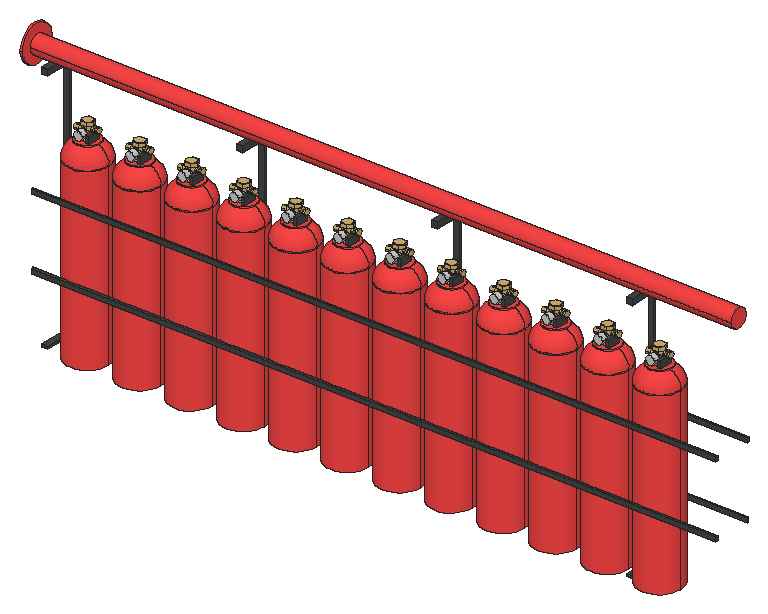
Revit family "Batería de cilindros 120l en simple fila FK-5-1-12_Aguilera Extincion", category Equipos especializados, Revit 2019
Family settings
  Anfitrión = Suelo
  Cota de conector redondo = Radio de uso
  Tipo de pieza = Normal
  Número OmniClass = 23.65.20.14.24
  Título OmniClass = Other Gas Storage Vessels
  Siempre vertical = Sí
  Corte con vacíos al cargar = No
  Compartido = No
  Punto de cálculo de habitación = No
Parameters (values of type "Batería 12 cilindros FK-5-1-12 - 120 l")
  URL = "https://aguilera.es/?productos=sistemas-centralizados-de-67-80-150-y-240l"
  Símbolo texto = yes
  Símbolo = yes
  Rc2 = Radio colector * 2  # 152.4 mm
  Radio colector = Diámetro colector / 2  # 76.2 mm
  R = Diámetro / 2  # 133.5 mm
  Número soportes = 4
  Número de cilindros = 12
  Modelo = "AEX/FKB120-12"
  Lt1 = Lt * 0.9  # 5307.3 mm
  Lt = 5897 mm
  Lci = D2 + 40 mm  # 475 mm
  Lcc = Lt1 / (Número soportes - 0.75)  # 1633.015 mm
  Lc = 435 mm  # constant formula
  Ht = Hc + Diámetro colector  # 2252.4 mm
  Hd = 1770 mm
  H2 = 1200 mm
  H1 = 600 mm
  Fabricante = "Aguilera Extinción"  # constant formula
  Diámetro colector = 152.4 mm
  Descripción = "Batería formada con cilindros de 120 L, fabricados en acero aleado certificados bajo normativa europea TPED para su uso con NOVEC 1230 de 3M. Presión de trabajo 25 bar a 21.1ºC. Pintados en color rojo (RAL 3002).\r\nEquipados con:\r\n– Válvula de descarga KIDDE 2″. Certificada CE y VdS.\r\n– Solenoide KIDDE 24 Vcc de disparo. Certificado CE y VdS (botella piloto).\r\n– Actuador Manual KIDDE. Certificado CE y Vds.(botella piloto)\r\n– Manómetro con presostato KIDDE. Certificado CE y VdS\r\n– Actuador neumático KIDDE. Certificado CE y VdS (botellas esclavas)\r\n– Latiguillos de disparo y descarga. Certificados CE.\r\n– Colector con brida de acoplamiento.\r\n– Válvulas antirretorno. Certificadas CE.\r\n– Conexión de descarga a colector.\r\n– Herrajes para fijación a pared.\r\n– Caperuza de protección para transporte."  # constant formula
  Diámetro = 267 mm
  Hc = 2100 mm  # constant formula
  D2 = 435 mm  # constant formula
  Cilindro = Cilindros autonomos de 5 a 120l FK-5-1-12_Aguilera Extincion : Cilindro autónomo MH5112® (FK-5-1-12) - 120 l
Types (12, lengths in mm): name | Rc2 | Radio colector | R | Número soportes | Número de cilindros | Modelo | Lt1 | Lt | Lcc | Ht | Diámetro colector | Diámetro
  (no name) | 152.4 | 76.2 | 133.5 | 4 | 12 | "AEX/FKB120-12" | 5307.3 | 5897 | 1633.015 | 2252.4 | 152.4 | 267
  Batería 2 cilindros FK-5-1-12 - 120 l | 63.5 | 31.75 | 133.5 | 2 | 2 | "AEX/FKB120-02" | 1291.5 | 1435 | 1033.2 | 2163.5 | 63.5 | 267
  Batería 3 cilindros FK-5-1-12 - 120 l | 76.2 | 38.1 | 177.5 | 2 | 3 | "AEX/FKB120-03" | 1720.8 | 1912 | 1376.64 | 2176.2 | 76.2 | 355
  Batería 4 cilindros FK-5-1-12 - 120 l | 76.2 | 38.1 | 133.5 | 2 | 4 | "AEX/FKB120-04" | 2112.3 | 2347 | 1689.84 | 2176.2 | 76.2 | 267
  Batería 5 cilindros FK-5-1-12 - 120 l | 101.6 | 50.8 | 133.5 | 2 | 5 | "AEX/FKB120-05" | 2526.3 | 2807 | 2021.04 | 2201.6 | 101.6 | 267
  Batería 6 cilindros FK-5-1-12 - 120 l | 101.6 | 50.8 | 133.5 | 2 | 6 | "AEX/FKB120-06" | 2917.8 | 3242 | 2334.24 | 2201.6 | 101.6 | 267
  Batería 7 cilindros FK-5-1-12 - 120 l | 101.6 | 50.8 | 133.5 | 3 | 7 | "AEX/FKB120-07" | 3309.3 | 3677 | 1470.8 | 2201.6 | 101.6 | 267
  Batería 8 cilindros FK-5-1-12 - 120 l | 127 | 63.5 | 133.5 | 3 | 8 | "AEX/FKB120-08" | 3523.5 | 3915 | 1566 | 2227 | 127 | 267
  Batería 9 cilindros FK-5-1-12 - 120 l | 127 | 63.5 | 133.5 | 3 | 9 | "AEX/FKB120-09" | 3915 | 4350 | 1740 | 2227 | 127 | 267
  Batería 10 cilindros FK-5-1-12 - 120 l | 127 | 63.5 | 133.5 | 3 | 10 | "AEX/FKB120-10" | 4306.5 | 4785 | 1914 | 2227 | 127 | 267
  Batería 11 cilindros FK-5-1-12 - 120 l | 152.4 | 76.2 | 133.5 | 4 | 11 | "AEX/FKB120-11" | 4915.8 | 5462 | 1512.554 | 2252.4 | 152.4 | 267
  Batería 12 cilindros FK-5-1-12 - 120 l | 152.4 | 76.2 | 133.5 | 4 | 12 | "AEX/FKB120-12" | 5307.3 | 5897 | 1633.015 | 2252.4 | 152.4 | 267
Reference planes
  plane 1 "Centro (Frontal/Posterior)": y = 0
  plane 2: z = 0
  plane 3 "Centro (Izquierda/Derecha)": x = 0
  plane 4: y = 133.5
  plane 5: z = 600
  plane 6: z = 1200
  plane 7: z = 1565
  plane 8: z = 1703.58
  plane 9: z = 1770
  plane 10: z = 2100
  plane 11: z = 2252.4
  plane 12: x = -600
  plane 13: x = 5297
  plane 14: y = 153.5
  plane 15: x = -440
  plane 16: y = 40.5
  plane 17: z = 2270.5
Forms (mm)
  Extrusion 1, solid, material "Acero rojo"
    sketch origin (0, 0, 38.1) x (0, 1, 0) y (0, 0, 1)
      loop
        circle (40.5, 2138.1) r 76.2
    from -600 to 5297
  Extrusion 2, solid, material "Acero rojo"
    sketch origin (0, 0, 0) x (0, 1, 0) y (0, 0, 1)
      loop
        circle (40.5, 2176.2) r 152.4
    from -600 to -582.73
  Extrusion 3, solid, material "Acero negro", detail levels fine
    sketch origin (-745.59, -6042.184, 600) x (-1, 0, 0) y (0, -1, 0)
      loop
        line (-6042.59, -5864.5) -> (-305.59, -5864.5) -> (-305.59, -5846.113) -> (-6042.59, -5846.113) -> (-6042.59, -5864.5)
    from 40 to 0
  Extrusion 4, solid, material "Acero negro", detail levels fine
    sketch origin (-745.59, -6042.184, 1200) x (-1, 0, 0) y (0, -1, 0)
      loop
        line (-6042.59, -5864.5) -> (-305.59, -5864.5) -> (-305.59, -5846.113) -> (-6042.59, -5846.113) -> (-6042.59, -5864.5)
    from 40 to 0
  Extrusion 5, solid, material "Acero negro", detail levels fine
    sketch origin (-745.59, -5721, 600) x (-1, 0, 0) y (0, -1, 0)
      loop
        line (-6042.59, -5864.5) -> (-305.59, -5864.5) -> (-305.59, -5854.5) -> (-6042.59, -5854.5) -> (-6042.59, -5864.5)
    from 40 to 0
  Extrusion 6, solid, material "Acero negro", detail levels fine
    sketch origin (-745.59, -5721, 1200) x (-1, 0, 0) y (0, -1, 0)
      loop
        line (-6042.59, -5864.5) -> (-305.59, -5864.5) -> (-305.59, -5854.5) -> (-6042.59, -5854.5) -> (-6042.59, -5864.5)
    from 40 to 0
Dimensions and locks
  "H1": plane 5 to plane 2
  "H2": plane 6 to plane 2
  "Hd": plane 9 to plane 2
  "Hc": plane 10 to plane 2
  locked: plane 9 to plane 8 at 66.42
  locked: plane 9 to plane 7 at 205
  "R": plane 1 "Centro (Frontal/Posterior)" to plane 4
  "Lt": plane 13 to plane 12
  "Ht": plane 11 to plane 2
  plane 17 to plane 11 = 18.1 mm
  "Ht": Extrusion 1 sketch curve to plane 2
  equal spacing: group 1, group 2, group 5, group 6, group 7, group 8, group 9, group 10, group 11, group 12, group 13, group 14  (x3)
  equal spacing: group 3, group 4, group 15, group 16  (x3)
  "Lcc": nested 5 to plane 15
  "Lci": nested 1 to plane 12
  equal spacing: plane 11, Extrusion 1, plane 10
  equal spacing: plane 11, Extrusion 2 sketch curve, plane 10
  "Radio colector": radius of Extrusion 1 sketch curve
  "Rc2": radius of Extrusion 2 sketch curve
  aligned and locked: level to plane 2
  aligned and locked: Extrusion 1 to plane 12
  aligned and locked: plane 13 to Extrusion 1
  aligned and locked: Extrusion 2 to plane 12
  aligned and locked: Extrusion 3 sketch curve to plane 15
  aligned and locked: plane 13 to Extrusion 3 sketch curve
  aligned and locked: Extrusion 4 to plane 15
  aligned and locked: plane 13 to Extrusion 4
  aligned and locked: Extrusion 6 to plane 4
  aligned and locked: Extrusion 5 to plane 4
Automatic sketch dimensions
  plane 1 "Centro (Frontal/Posterior)" to Extrusion 3 sketch curve = 177.684 mm
  Extrusion 3 sketch curve to Extrusion 3 sketch curve = 18.387 mm
  Extrusion 4 sketch curve to plane 13 = 0 mm
  Extrusion 4 sketch curve to plane 15 = 0 mm
  plane 1 "Centro (Frontal/Posterior)" to Extrusion 4 sketch curve = 177.684 mm
  Extrusion 4 sketch curve to Extrusion 4 sketch curve = 18.387 mm
  Extrusion 5 sketch curve to plane 13 = 0 mm
  Extrusion 5 sketch curve to plane 15 = 0 mm
  plane 4 to Extrusion 5 sketch curve = 10 mm
  Extrusion 5 sketch curve to plane 4 = 0 mm
  Extrusion 6 sketch curve to plane 13 = 0 mm
  Extrusion 6 sketch curve to plane 15 = 0 mm
  plane 4 to Extrusion 6 sketch curve = 10 mm
  Extrusion 6 sketch curve to plane 4 = 0 mm
  Extrusion 1 sketch curve to plane 16 = 0 mm
  Extrusion 2 sketch curve to plane 16 = 0 mm
Nested families
  nested 1: "Cilindros autonomos de 5 a 120l FK-5-1-12_Aguilera Extincion" at (-125, 0, 0), type <- "Cilindro", type "Cilindro autónomo MH5112® (FK-5-1-12) - 120 l"
    with Soporte no
  nested 2: "Cilindros autonomos de 5 a 120l FK-5-1-12_Aguilera Extincion" at (310.885, 0, 0), type <- "Cilindro", type "Cilindro autónomo MH5112® (FK-5-1-12) - 120 l"
    with Soporte no
  nested 3: "S_Cilindros_Aguilera Extinción" at (0, 0, 0), visible <- "Símbolo", type "S_Cilindros_Aguilera Extinción", detail levels coarse
  nested 4: "Soporte suelo" at (-60, 153.5, 0), type "Soporte suelo"
    with Ht 2100 mm
  nested 5: "Soporte suelo" at (1573.015, 153.5, 0), type "Soporte suelo"
    with Ht 2100 mm
  nested 6: "Cilindros autonomos de 5 a 120l FK-5-1-12_Aguilera Extincion" at (746.77, 0, 0), type <- "Cilindro", type "Cilindro autónomo MH5112® (FK-5-1-12) - 120 l"
    with Soporte no
  nested 7: "Cilindros autonomos de 5 a 120l FK-5-1-12_Aguilera Extincion" at (1182.655, 0, 0), type <- "Cilindro", type "Cilindro autónomo MH5112® (FK-5-1-12) - 120 l"
    with Soporte no
  nested 8: "Cilindros autonomos de 5 a 120l FK-5-1-12_Aguilera Extincion" at (1618.54, 0, 0), type <- "Cilindro", type "Cilindro autónomo MH5112® (FK-5-1-12) - 120 l"
    with Soporte no
  nested 9: "Cilindros autonomos de 5 a 120l FK-5-1-12_Aguilera Extincion" at (2054.426, 0, 0), type <- "Cilindro", type "Cilindro autónomo MH5112® (FK-5-1-12) - 120 l"
    with Soporte no
  nested 10: "Cilindros autonomos de 5 a 120l FK-5-1-12_Aguilera Extincion" at (2490.311, 0, 0), type <- "Cilindro", type "Cilindro autónomo MH5112® (FK-5-1-12) - 120 l"
    with Soporte no
  nested 11: "Cilindros autonomos de 5 a 120l FK-5-1-12_Aguilera Extincion" at (2926.196, 0, 0), type <- "Cilindro", type "Cilindro autónomo MH5112® (FK-5-1-12) - 120 l"
    with Soporte no
  nested 12: "Cilindros autonomos de 5 a 120l FK-5-1-12_Aguilera Extincion" at (3362.081, 0, 0), type <- "Cilindro", type "Cilindro autónomo MH5112® (FK-5-1-12) - 120 l"
    with Soporte no
  nested 13: "Cilindros autonomos de 5 a 120l FK-5-1-12_Aguilera Extincion" at (3797.966, 0, 0), type <- "Cilindro", type "Cilindro autónomo MH5112® (FK-5-1-12) - 120 l"
    with Soporte no
  nested 14: "Cilindros autonomos de 5 a 120l FK-5-1-12_Aguilera Extincion" at (4233.851, 0, 0), type <- "Cilindro", type "Cilindro autónomo MH5112® (FK-5-1-12) - 120 l"
    with Soporte no
  nested 15: "Cilindros autonomos de 5 a 120l FK-5-1-12_Aguilera Extincion" at (4669.736, 0, 0), type <- "Cilindro", type "Cilindro autónomo MH5112® (FK-5-1-12) - 120 l"
    with Soporte no
  nested 16: "Soporte suelo" at (3206.031, 153.5, 0), type "Soporte suelo"
    with Ht 2100 mm
  nested 17: "Soporte suelo" at (4839.046, 153.5, 0), type "Soporte suelo"
    with Ht 2100 mm
Connectors
  piping at (-600, 40.5, 2176.2), diameter 152.4, driven by "Radio colector"
    settings: on Extrusion 1, index 1, connector inside diameter 609.6 mm, connector length 0 mm, flow factor 0, pipe flow 0.0 L/s, pressure drop 0.0 Pa, fitting loss kfactor 0, connector angle 0.00°, fixture units 0, engagement length 0 mm, angle of deflection 0.00°, flow configuration 0, flow direction 0, fitting loss method 0, system type 28, joint type 0, gender type 0, connector reference index -1, connector utility 0, adjustable connector no, is connector primary yes, connector description ""
Definition of nested family "Cilindros autonomos de 5 a 120l FK-5-1-12_Aguilera Extincion"
  Parameters (values of type "Cilindro autónomo MH5112® (FK-5-1-12) - 120 l")
    URL = "https://aguilera.es/?productos=botellas-autonomas-de-14-a-345-l"
    Símbolo texto = yes
    Símbolo = yes
    Soporte = yes
    R = Diámetro / 2  # 177.277 mm
    Model = "AEX/FK120"
    L1 = 536 mm
    Hd = 1700 mm
    H2 = 850 mm
    Manufacturer = "Aguilera Extinción"  # constant formula
    Description = "Cilindro de alta presión, fabricado en acero aleado tratado térmicamente sin soldadura (según Directiva Europea 84/525/CEE). Marcado π Presión de trabajo de 42 y 50 bar, presión de pruebas 250 bar, temperatura de servicio de -20ºC a +50ºC, grabados y pintados en color rojo (RAL 3002).\r\nEquipado con:\r\n• Válvula de descarga. Marcada CE según RD: 769/1999. Incluye:\r\n• Solenoide de disparo. (Alimentación 24V y 500mA de consumo)\r\n• Válvula de sobrepresión y disco de seguridad.\r\n• Válvula de alivio.\r\n• Manómetro 42 bar con presostato. Certificado Vds\r\n• Actuador manual\r\n• Herrajes de fijación.\r\n• Brida y caperuza protectora de la válvula y sus accesorios."  # constant formula
    Diámetro = 354.555 mm
    H = 1780 mm
    Aux_R = R / 2  # 88.639 mm
  Types (8, lengths in mm): name | R | Model | L1 | Hd | H2 | Diámetro | H | Aux_R
    (no name) | 177.277 | "AEX/FK120" | 536 | 1700 | 850 | 354.555 | 1780 | 88.639
    Cilindro autónomo MH5112® (FK-5-1-12) - 80 l | 133.5 | "AEX/FK080" | 402 | 1800 | 900 | 267 | 1880 | 66.75
    Cilindro autónomo MH5112® (FK-5-1-12) - 120 l | 177.277 | "AEX/FK120" | 536 | 1700 | 850 | 354.555 | 1780 | 88.639
    Cilindro autónomo MH5112® (FK-5-1-12) - 67 l | 133.5 | "AEX/FK067" | 402 | 1600 | 800 | 267 | 1680 | 66.75
    Cilindro autónomo MH5112® (FK-5-1-12) - 40,2 l | 114.5 | "AEX/FK040" | 364 | 1300 | 650 | 229 | 1380 | 57.25
    Cilindro autónomo MH5112® (FK-5-1-12) - 26,8 l | 146.623 | "AEX/FK026" | 364 | 1000 | 500 | 293.247 | 1080 | 73.312
    Cilindro autónomo MH5112® (FK-5-1-12) - 13,4 l | 70 | "AEX/FK013" | 274 | 1100 | 550 | 140 | 1180 | 35
    Cilindro autónomo MH5112® (FK-5-1-12) - 5 l | 70 | "AEX/FK005" | 274 | 500 | 250 | 140 | 580 | 35
  Reference planes
    plane 1 "Centro (Frontal/Posterior)": y = 0
    plane 2: z = 0
    plane 3 "Centro (Izquierda/Derecha)": x = 0
    plane 4: y = 177.277
    plane 5: z = 850
    plane 6: z = 1495
    plane 7: z = 1633.58
    plane 8: z = 1700
    plane 9: z = 1780
    plane 10: x = -100
    plane 11: x = -177.277
    plane 12: x = 177.277
    plane 13: x = -177.277
    plane 14: x = 177.277
    plane 15: x = -40
  Forms (mm)
    Extrusion 1, solid, detail levels medium+fine
      sketch origin (0, 0, 0) x (1, 0, 0) y (0, 1, 0)
        loop
          circle (0, 0) r 177.277
      from 0 to 1495
    Extrusion 2, solid, detail levels medium+fine
      sketch origin (-745.59, -6000, 1633.58) x (-1, 0, 0) y (0, -1, 0)
        loop
          circle (-745.59, -6000) r 40
      from 0 to 146.42
    Extrusion 3, solid, detail levels medium+fine
      sketch origin (-70, 0, 0) x (0, -1, 0) y (0, 0, 1)
        loop
          circle (0, 1700) r 25
      from -117.506 to -12.56
    Revolve 4, solid, detail levels medium+fine
      sketch origin (0, 0, 0) x (1, 0, 0) y (0, 0, 1)
        loop
          line (0, 1633.58) -> (-40, 1633.58)
          arc (-40, 1633.58) -> (-137.098, 1593.066) -> (-177.277, 1495.829) r 137.752
          line (-177.277, 1495.829) -> (-177.277, 1495) -> (0, 1495) -> (0, 1633.58)
        axis (0, 1633.58) -> (0, 1495)
      angle from 0 to 360
    Extrusion 5, solid, visible <- "Soporte", detail levels fine
      sketch origin (-745.59, -6000, 850) x (-1, 0, 0) y (0, -1, 0)
        loop
          line (-500.812, -6197.277) -> (-500.812, -6177.277) -> (-566.312, -6177.277) -> (-566.312, -6000)
          arc (-566.312, -6000) -> (-745.59, -5820.723) -> (-924.867, -6000) r 179.277
          line (-924.867, -6000) -> (-924.867, -6177.277) -> (-990.367, -6177.277) -> (-990.367, -6197.277) -> (-500.812, -6197.277)
        loop
          arc (-568.312, -6000) -> (-745.59, -5822.723) -> (-922.867, -6000) r 177.277
          line (-922.867, -6000) -> (-922.867, -6177.277) -> (-568.312, -6177.277) -> (-568.312, -6000)
      from 20 to -20
    Extrusion 6, solid, detail levels fine
      sketch origin (-745.59, -6000, 1633.58) x (-1, 0, 0) y (0, -1, 0)
        loop
          circle (-745.59, -6000) r 100
      from 0 to 5.101
    Extrusion 7, solid, detail levels medium+fine
      sketch origin (-745.59, -6000, 1780) x (-1, 0, 0) y (0, -1, 0)
        loop
          line (-769.342, -6041.141) -> (-721.837, -6041.141) -> (-698.084, -6000) -> (-721.837, -5958.859) -> (-769.342, -5958.859) -> (-793.095, -6000) -> (-769.342, -6041.141)
      from 0 to -30.23
    Extrusion 8, solid, detail levels medium+fine
      sketch origin (0.001, -69.978, 0) x (1, 0.000332, 0) y (0, 0, 1)
        loop
          circle (0, 1700) r 35
      from -70 to -28.863
    Extrusion 9, solid, detail levels medium+fine
      sketch origin (-145, 0, 0) x (0, -1, 0) y (0, 0, 1)
        loop
          circle (0, 1700) r 20
        loop
          circle (0, 1700) r 15
      from -87.56 to -45
    Extrusion 10, solid, detail levels medium+fine
      sketch origin (0.001, -127.334, 0) x (1, 0.000332, 0) y (0, 0, 1)
        loop
          circle (0, 1700) r 30
      from -86.218 to -73.878
    Extrusion 11, solid, detail levels medium+fine
      sketch origin (0.001, -157.335, 0) x (1, 0.000332, 0) y (0, 0, 1)
        loop
          circle (0, 1700) r 35
      from -103.928 to -58.906
    Extrusion 12, solid, detail levels fine
      sketch origin (-27.334, -0.23, 26.684) x (0.000332, -1, 0) y (0, 0, 1)
        loop
          circle (-0.222, 1705.463) r 15
      from -108.689 to -58.467
    Extrusion 13, solid, detail levels fine
      sketch origin (146.623, 655.396, 4006.684) x (0, 1, 0) y (0, 0, 1)
        loop
          line (-666.922, -2254.537) -> (-678.469, -2274.537) -> (-666.922, -2294.537) -> (-643.828, -2294.537) -> (-632.281, -2274.537) -> (-643.828, -2254.537) -> (-666.922, -2254.537)
      from -98.997 to -83.977
    Extrusion 14, solid, detail levels fine
      sketch origin (146.623, 655.396, 4006.684) x (0, 1, 0) y (0, 0, 1)
        loop
          line (-666.922, -2254.537) -> (-678.469, -2274.537) -> (-666.922, -2294.537) -> (-643.828, -2294.537) -> (-632.281, -2274.537) -> (-643.828, -2254.537) -> (-666.922, -2254.537)
      from -65.269 to -49.269
    Extrusion 15, solid, detail levels fine
      sketch origin (-100, 837.763, 4000) x (0, 1, 0) y (0, 0, 1)
        loop
          line (-820.012, -2283.976) -> (-917.735, -2283.976) -> (-917.735, -2343.976) -> (-820.012, -2343.976) -> (-820.012, -2283.976)
      from 147.506 to 176.533
  Lines and regions (mm)
    symbolic lines
      curve 1: line (0, 217.277, 0) -> (0, 177.277, 0)
      curve 2: line (-25, 197.277, 0) -> (25, 197.277, 0)
      curve 3: circle (0, 197.277, 0) r 15 normal (0, 0, 1)
  Dimensions and locks
    "H2": plane 5 to plane 2
    "Hd": plane 8 to plane 2
    "H": plane 9 to plane 2
    locked: plane 10 to plane 3 "Centro (Izquierda/Derecha)" at 100
    equal spacing: plane 11, plane 3 "Centro (Izquierda/Derecha)", plane 12
    "Diámetro": plane 11 to plane 12
    locked: plane 8 to plane 7 at 66.42
    locked: plane 8 to plane 6 at 205
    "R": plane 1 "Centro (Frontal/Posterior)" to plane 4
    equal spacing: plane 13, plane 3 "Centro (Izquierda/Derecha)", plane 14
    "Diámetro": plane 13 to plane 14
    equal spacing: Extrusion 5 sketch curve, plane 3 "Centro (Izquierda/Derecha)", Extrusion 5 sketch curve
    "R": Revolve 4 sketch curve to Revolve 4 sketch curve
    locked: Revolve 4 sketch curve to Revolve 4 sketch curve at 0.829
    "Diámetro": diameter of Extrusion 1 sketch curve
    aligned and locked: level to plane 2
    aligned and locked: plane 6 to Extrusion 1
    aligned and locked: plane 9 to Extrusion 2
    aligned and locked: Extrusion 2 to plane 7
    aligned and locked: Revolve 4 sketch curve to plane 3 "Centro (Izquierda/Derecha)"  (x2)
    aligned and locked: Extrusion 5 sketch curve to Extrusion 5 sketch curve  (x2)
    aligned and locked: Extrusion 5 sketch curve to plane 4
    aligned and locked: Extrusion 5 sketch curve to plane 14
    aligned and locked: Extrusion 5 sketch curve to plane 13
    aligned and locked: Revolve 4 sketch curve to plane 6
    aligned and locked: plane 15 to Extrusion 2
    aligned and locked: plane 15 to Revolve 4 sketch curve
    aligned and locked: Extrusion 9 to plane 10
    aligned and locked: Extrusion 15 to Extrusion 3
  Automatic sketch dimensions
    curve 1 to plane 3 "Centro (Izquierda/Derecha)" = 0 mm
    curve 3 to plane 3 "Centro (Izquierda/Derecha)" = 0 mm
    curve 1 to plane 4 = 0 mm
    curve 1 to curve 3 = 20 mm
    curve 2 to plane 3 "Centro (Izquierda/Derecha)" = 25 mm
    plane 3 "Centro (Izquierda/Derecha)" to curve 2 = 25 mm
    plane 4 to curve 2 = 20 mm
    curve 3 to curve 1 = 20 mm
    plane 1 "Centro (Frontal/Posterior)" to Extrusion 2 sketch curve = 0 mm
    Extrusion 2 sketch curve to plane 3 "Centro (Izquierda/Derecha)" = 0 mm
    Extrusion 3 sketch curve to plane 1 "Centro (Frontal/Posterior)" = 0 mm
    Extrusion 3 sketch curve to plane 8 = 0 mm
    plane 1 "Centro (Frontal/Posterior)" to Extrusion 6 sketch curve = 0 mm
    Extrusion 6 sketch curve to plane 3 "Centro (Izquierda/Derecha)" = 0 mm
    plane 1 "Centro (Frontal/Posterior)" to Extrusion 7 sketch curve = 0 mm  (x2)
    plane 3 "Centro (Izquierda/Derecha)" to Extrusion 7 sketch curve = 47.506 mm
    plane 3 "Centro (Izquierda/Derecha)" to Extrusion 7 sketch curve = 23.753 mm  (x2)
    Extrusion 7 sketch curve to plane 3 "Centro (Izquierda/Derecha)" = 23.753 mm  (x2)
    Extrusion 7 sketch curve to Extrusion 7 sketch curve = 23.753 mm
    Extrusion 7 sketch curve to plane 1 "Centro (Frontal/Posterior)" = 41.141 mm
    plane 1 "Centro (Frontal/Posterior)" to Extrusion 7 sketch curve = 41.141 mm
    Extrusion 8 sketch curve to plane 8 = 0 mm
    Extrusion 9 sketch curve to Extrusion 9 sketch curve = 0 mm  (x2)
    Extrusion 9 sketch curve to plane 1 "Centro (Frontal/Posterior)" = 0 mm
    Extrusion 9 sketch curve to plane 8 = 0 mm
    Extrusion 10 sketch curve to plane 8 = 0 mm
    Extrusion 11 sketch curve to plane 8 = 0 mm
    plane 8 to Extrusion 12 sketch curve = 32.147 mm
    plane 1 "Centro (Frontal/Posterior)" to Extrusion 13 sketch curve = 23.073 mm
    plane 1 "Centro (Frontal/Posterior)" to Extrusion 13 sketch curve = 11.526 mm  (x2)
    Extrusion 13 sketch curve to plane 1 "Centro (Frontal/Posterior)" = 11.568 mm  (x2)
    Extrusion 13 sketch curve to Extrusion 13 sketch curve = 11.547 mm
    plane 8 to Extrusion 13 sketch curve = 12.147 mm
    Extrusion 13 sketch curve to Extrusion 13 sketch curve = 20 mm  (x3)
    plane 1 "Centro (Frontal/Posterior)" to Extrusion 14 sketch curve = 23.073 mm
    plane 1 "Centro (Frontal/Posterior)" to Extrusion 14 sketch curve = 11.526 mm  (x2)
    Extrusion 14 sketch curve to plane 1 "Centro (Frontal/Posterior)" = 11.568 mm  (x2)
    Extrusion 14 sketch curve to Extrusion 14 sketch curve = 11.547 mm
    plane 8 to Extrusion 14 sketch curve = 12.147 mm
    Extrusion 14 sketch curve to Extrusion 14 sketch curve = 20 mm  (x3)
    plane 8 to Extrusion 15 sketch curve = 16.024 mm
    plane 1 "Centro (Frontal/Posterior)" to Extrusion 15 sketch curve = 79.972 mm
    Extrusion 15 sketch curve to plane 1 "Centro (Frontal/Posterior)" = 17.752 mm
    plane 7 to Extrusion 15 sketch curve = 22.444 mm
    plane 1 "Centro (Frontal/Posterior)" to Extrusion 1 sketch curve = 0 mm
    Extrusion 1 sketch curve to plane 3 "Centro (Izquierda/Derecha)" = 0 mm
    Revolve 4 sketch curve to plane 7 = 0 mm
    plane 5 to Revolve 4 sketch curve = 8.628 mm
    Revolve 4 sketch curve to plane 8 = 6 mm
    Extrusion 5 sketch curve to Extrusion 5 sketch curve = 0 mm  (x2)
    plane 1 "Centro (Frontal/Posterior)" to Extrusion 5 sketch curve = 0 mm
    Extrusion 5 sketch curve to plane 14 = 2 mm
    Extrusion 5 sketch curve to Extrusion 5 sketch curve = 65.5 mm
    Extrusion 5 sketch curve to Extrusion 5 sketch curve = 20 mm
    radius of curve 3 = 15 mm
    radius of Extrusion 2 sketch curve = 40 mm
    radius of Extrusion 3 sketch curve = 25 mm
    radius of Extrusion 6 sketch curve = 100 mm
    radius of Extrusion 8 sketch curve = 35 mm
    radius of Extrusion 9 sketch curve = 20 mm
    radius of Extrusion 9 sketch curve = 15 mm
    radius of Extrusion 10 sketch curve = 30 mm
    radius of Extrusion 11 sketch curve = 35 mm
    radius of Extrusion 12 sketch curve = 15 mm
  Nested families
    nested 1: "S_Cilindro_Aguilera Extinción" at (0, 0, 0), visible <- "Símbolo", type "S_Cilindro_Aguilera Extinción", detail levels coarse
  Definition of nested family "S_Cilindro_Aguilera Extinción"
    Parameters (values of type "S_Cilindro_Aguilera Extinción")
      Texto símbolo = "Cilindros"
      Texto modelo = yes
      Modelo = "Cilindros"
    Reference planes
      plane 1: y = 0
      plane 2: x = 0
    Lines and regions (mm)
      detail lines
        curve 1: line (-1.703, -1.659, 0) -> (1.659, -1.659, 0)
        curve 2: line (-1.703, 1.659, 0) -> (-1.703, -1.659, 0)
        curve 3: line (1.659, 1.659, 0) -> (-1.703, 1.659, 0)
        curve 4: line (1.659, -1.659, 0) -> (1.659, 1.659, 0)
        curve 5: circle (0, 0, 0) r 1.659 normal (0, 0, 1)
    Text (mm)
      label "Texto símbolo" at (-0.164, 3.111, 0), shows "Texto símbolo"
      label "Modelo" at (-0.164, -2.652, 0), shows "Modelo", visible <- "Texto modelo"
Definition of nested family "Soporte suelo"
  Parameters (values of type "Soporte suelo")
    Ht = 1266.694 mm
  Reference planes
    plane 1 "Centro (Frontal/Posterior)": y = 0
    plane 2: z = 0
    plane 3 "Centro (Izquierda/Derecha)": x = 0
    plane 4: z = 1266.694
  Forms (mm)
    Extrusion 1, solid
      sketch origin (-380, -6153.5, 976.911) x (0, 0, 1) y (0, -1, 0)
        loop
          line (354.783, -6153.5) -> (354.783, -6143.5) -> (289.783, -6143.5) -> (289.783, -5918.5) -> (239.783, -5918.5) -> (239.783, -6143.5) -> (-956.911, -6143.5) -> (-956.911, -5918.5) -> (-976.911, -5918.5) -> (-976.911, -6153.5) -> (354.783, -6153.5)
      from 0 to 50
  Lines and regions (mm)
    symbolic lines
      curve 1: line (-355, 20, 0) -> (-355, -20, 0)
      curve 2: line (-380, 0, 0) -> (-330, 0, 0)
      curve 3: circle (-355, 0, 0) r 15 normal (0, 0, 1)
  Dimensions and locks
    "Ht": plane 4 to plane 2
    aligned and locked: level to plane 2
    aligned and locked: Extrusion 1 sketch curve to plane 4
    aligned and locked: plane 1 "Centro (Frontal/Posterior)" to Extrusion 1 sketch curve
    aligned and locked: level to Extrusion 1 sketch curve
  Automatic sketch dimensions
    plane 1 "Centro (Frontal/Posterior)" to curve 2 = 0 mm
    plane 1 "Centro (Frontal/Posterior)" to curve 3 = 0 mm
    curve 3 to plane 3 "Centro (Izquierda/Derecha)" = 355 mm
    curve 1 to curve 3 = 0 mm
    curve 2 to curve 3 = 25 mm
    curve 3 to curve 2 = 25 mm
    plane 1 "Centro (Frontal/Posterior)" to curve 1 = 20 mm
    curve 1 to plane 1 "Centro (Frontal/Posterior)" = 20 mm
    level to Extrusion 1 sketch curve = 20 mm
    Extrusion 1 sketch curve to plane 4 = 50 mm
    plane 1 "Centro (Frontal/Posterior)" to Extrusion 1 sketch curve = 10 mm  (x2)
    Extrusion 1 sketch curve to Extrusion 1 sketch curve = 65 mm
    Extrusion 1 sketch curve to Extrusion 1 sketch curve = 225 mm  (x2)
    radius of curve 3 = 15 mm
Definition of nested family "S_Cilindros_Aguilera Extinción"
  Parameters (values of type "S_Cilindros_Aguilera Extinción")
    Texto símbolo = "Cilindros"
    Texto modelo = yes
    Modelo = "Cilindros"
  Reference planes
    plane 1: y = 0
    plane 2: x = 0
  Lines and regions (mm)
    detail lines
      curve 1: line (-6.666, -1.659, 0) -> (6.654, -1.659, 0)
      curve 2: line (-6.666, 1.659, 0) -> (-6.666, -1.659, 0)
      curve 3: line (6.654, 1.659, 0) -> (-6.666, 1.659, 0)
      curve 4: line (6.654, -1.659, 0) -> (6.654, 1.659, 0)
      curve 5: circle (-4.976, 0, 0) r 1.659 normal (0, 0, 1)
      curve 6: circle (-1.659, 0, 0) r 1.659 normal (0, 0, 1)
      curve 7: circle (1.659, 0, 0) r 1.659 normal (0, 0, 1)
      curve 8: circle (4.976, 0, 0) r 1.659 normal (0, 0, 1)
  Text (mm)
    label "Texto símbolo" at (-0.164, 3.111, 0), shows "Texto símbolo"
    label "Modelo" at (-0.164, -2.652, 0), shows "Modelo", visible <- "Texto modelo"
